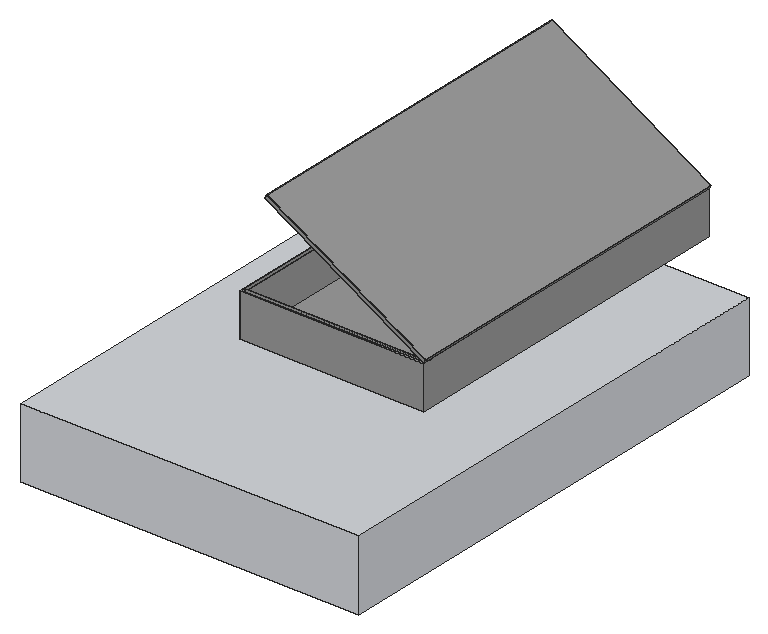
Revit family "Hager-Univers-IP44-D205-H1550-Cl.I-Encl-CH-de", category Equipement électrique, Revit 2020
Family settings
  Hôte = Face
  Configuration du panneau = Deux colonnes, circuits au sein
  Cote de connecteur circulaire = Utiliser le diamètre
  Type d'élément = Tableau de raccordement
  Couper avec des vides une fois chargée = Non
  Partagée = Non
  Point de calcul de pièce = Non
Parameters (values of type "Aufputz IP44 B800 H1550 T205  - FP03TN2")
  Width Control [instance] = if([EF000008 - Breite] > Min Width, [EF000008 - Breite], Min Width)  # 800 mm
  Commentaires du type = [HG000003 - Bereich]  # "Univers"
  Thickness Door [instance] = if([EF009171 - Materialstärke Tür/Deckel] > 3 mm, 3 mm, [EF009171 - Materialstärke Tür/Deckel])  # 1 mm
  Seal Frame Offset [instance] = 17 mm  # constant formula
  Plinth Visibility [instance] = [HG000027 - Sockelhöhe] > 0 mm  # no
  Model = ""
  Min Width [instance] = 100 mm  # constant formula
  Min Height [instance] = 100 mm  # constant formula
  Min Depth [instance] = (2 * [EF009170 - Materialstärke Gehäuse]) + 1 mm  # 3 mm
  Internal Frame Depth [instance] = (Door System Depth * 0.5)  # 9 mm
  Height Control [instance] = if([EF000040 - Höhe] > Min Height, [EF000040 - Höhe], Min Height)  # 1550 mm
  HG000027 - Sockelhöhe = 0 mm
  HG000026 - Stehend auf dem Boden = no
  HG000024 - Höhe des unteren Teils = 800 mm
  HG000023 - Gehäuse mit doppeltem Querschnitt = no
  HG000016 - 3D-Türsichtbarkeit [instance] = yes
  HG000015 - Sichtbarkeit der Türöffnung [instance] = no
  HG000014 - Tür rechts [instance] = yes
  HG000013 - Tür links [instance] = not([HG000014 - Tür rechts])  # no
  HG000012 - Türschwenkwinkel [instance] = 30.00°
  HG000010 - Asymmetrische Türen = no
  HG000009 - Doppelflügeligen Tür = no
  HG000006 - Unterputz = no
  HG000004 - Herstellerreferenz = "FP03TN2"
  HG000003 - Bereich = "Univers"
  HG000002 - Mit tür = yes
  Frame Offset Bottom [instance] = 10 mm  # constant formula
  Frame Offset [instance] = 15 mm  # constant formula
  EF015940 - Deckel mit Überdruckentlastung = no
  EF011959 - Schutzart (NEMA) = ""
  EF009554 - Anzahl der Öffnungen für Flanschplatten = 6
  Fabricant = "Hager"  # constant formula
  EF009212 - Ausführung Deckel = "EV000116 - geschlossen"
  EF009171 - Materialstärke Tür/Deckel = 1 mm
  EF009170 - Materialstärke Gehäuse = 1 mm
  EF008873 - Nennstrom (In) = 250 A
  EF007800 - Geeignet für Blitzschutz = no
  EF006306 - Mit Schloss = no
  EF006244 - Transparenter Deckel/Tür = no
  EF005474 - Schutzart (IP) = "EV006418 - IP44"
  EF004464 - Art der Tür = "EV002646 - Einzel"
  EF004427 - Anzahl der Module = 360
  EF004293 - Schlagfestigkeit = "EV006815 - IK09"
  EF003532 - Geeignet für Außengebrauch = no
  EF002950 - Breite in Teilungseinheiten = 36
  EF001613 - Funktionserhalt = "EV000494 - ohne"
  EF001596 - Werkstoff des Gehäuses = "EV000179 - Stahl"
  EF001131 - Innentiefe = 205 mm
  EF001088 - Anbaumöglichkeit = yes
  EF000437 - Anzahl der Leitungseinführungen = 6
  EF000339 - Art der Abdeckung = "EV001012 - Deckel"
  EF000266 - Anzahl der Reihen = 10
  EF000218 - Einbautiefe = 205 mm
  EF000118 - Mit Montageplatte = no
  EF000116 - RAL-Nummer = "9010"
  EF000049 - Tiefe = 205 mm
  EF000040 - Höhe = 1550 mm
  EF000008 - Breite = 800 mm
  EF000007 - Farbe = "EV000202 - weiß"
  EF000003 - Montageart = "EV000384 - Aufputz"
  Door System Leaf Tolerance [instance] = 1.5 mm  # constant formula
  Door System Depth [instance] = 18 mm  # constant formula
  Door Height [instance] = Height Control - [HG000027 - Sockelhöhe]  # 1550 mm
  Depth Control [instance] = if([EF000049 - Tiefe] > Min Depth, [EF000049 - Tiefe], Min Depth)  # 205 mm
  Default Elevation = 0 mm
  Connector Offset [instance] = Height Control / 2  # 775 mm
  Bottom Top Plate Trim [instance] = 1.5 mm  # constant formula
  Plinth height Ctrl [instance] = if([HG000027 - Sockelhöhe] > 0 mm, [HG000027 - Sockelhöhe], 12 mm)  # 12 mm
Types (5, lengths in mm): name | Width Control | HG000010 - Asymmetrische Türen | HG000009 - Doppelflügeligen Tür | HG000004 - Herstellerreferenz | EF009554 - Anzahl der Öffnungen für Flanschplatten | EF008873 - Nennstrom (In) | EF004464 - Art der Tür | EF004427 - Anzahl der Module | EF002950 - Breite in Teilungseinheiten | EF000437 - Anzahl der Leitungseinführungen | EF000008 - Breite
  Aufputz IP44 B1050 H1550 T205  - FP04TN2 | 1050 | no | yes | "FP04TN2" | 8 | 400 A | "EV003602 - Doppel" | 480 | 48 | 8 | 1050
  Aufputz IP44 B1300 H1550 T205  - FP05TN2 | 1300 | yes | yes | "FP05TN2" | 10 | 400 A | "EV003602 - Doppel" | 600 | 60 | 10 | 1300
  Aufputz IP44 B300 H1550 T205  - FP01TN2 | 300 | no | no | "FP01TN2" | 2 | 250 A | "EV002646 - Einzel" | 120 | 12 | 2 | 300
  Aufputz IP44 B550 H1550 T205  - FP02TN2 | 550 | no | no | "FP02TN2" | 4 | 250 A | "EV002646 - Einzel" | 240 | 24 | 4 | 550
  Aufputz IP44 B800 H1550 T205  - FP03TN2 | 800 | no | no | "FP03TN2" | 6 | 250 A | "EV002646 - Einzel" | 360 | 36 | 6 | 800
Reference planes
  plane 1 "Center (Front/Back)": y = 0
  plane 2: z = 0
  plane 3 "Center (Left/Right)": x = 0
  plane 4: z = 205
  plane 5: y = 1
  plane 6: y = 775
  plane 7: y = 0
  plane 8: y = 1550
  plane 9: z = 0
  plane 10: x = -385
  plane 11: x = 385
  plane 12: x = 384
  plane 13: x = -384
  plane 14: y = 1549
  plane 15: x = -383
  plane 16: x = -400
  plane 17: x = 383
  plane 18: x = 400
  plane 19: x = 399
  plane 20: x = -399
  plane 21: y = 11
  plane 22: y = 1550
  plane 23: y = 1534
  plane 24: z = 187
  plane 25: z = 1
  plane 26: z = 186
  plane 27: z = 204
Forms (mm)
  Extrusion 1, solid
    sketch origin (0, 0, 0) x (1, 0, 0) y (0, 1, 0)
      loop
        line (-702.964, 1305) -> (-702.964, -811.445) -> (766.763, -811.445) -> (766.763, 1305) -> (-702.964, 1305)
    from 0 to -304.8
  Extrusion 2, solid, material "Hager_Steel_RAL7035_Light_Grey", visible <- "Plinth Visibility", detail levels medium+fine
    sketch origin (0, 0, 0) x (1, 0, 0) y (0, 1, 0)
      loop
        line (-400, 0) -> (400, 0) -> (400, 12) -> (-400, 12) -> (-400, 0)
    from 0 to 187
  Extrusion 3, solid, material "Hager_Steel_RAL7035_Light_Grey", detail levels medium+fine
    sketch origin (0, 0, 0) x (1, 0, 0) y (0, 1, 0)
      loop
        line (-400, 0) -> (400, 0) -> (400, 1550) -> (-400, 1550) -> (-400, 0)
    from 0 to 187
  Extrusion 4, void
    sketch origin (0, 0, 0) x (1, 0, 0) y (0, 1, 0)
      loop
        line (-399, 1) -> (399, 1) -> (399, 1549) -> (-399, 1549) -> (-399, 1)
    from 1 to 186
  Extrusion 5, void
    sketch origin (-381.607, -4572, 187) x (0, -1, 0) y (-1, 0, 0)
      loop
        line (-4583, 2.393) -> (-6106, 2.393) -> (-6106, -765.607) -> (-4583, -765.607) -> (-4583, 2.393)
    from 0 to 1 <- "EF009170 - Materialstärke Gehäuse"
  Extrusion 6, solid, material "Hager_Steel_RAL7035_Light_Grey", detail levels fine
    sketch origin (0, 0, 187) x (1, 0, 0) y (0, 1, 0)
      loop
        line (-384, 1534) -> (-384, 11) -> (384, 11) -> (384, 1534) -> (-384, 1534)
      loop
        line (-385, 10) -> (385, 10) -> (385, 1535) -> (-385, 1535) -> (-385, 10)
    from 0 to 9 <- "Internal Frame Depth"
  Extrusion 7, solid, material "Hager_Steel_RAL7035_Light_Grey", detail levels coarse
    sketch origin (0, 0, 0) x (1, 0, 0) y (0, 1, 0)
      loop
        line (-400, 0) -> (400, 0) -> (400, 1550) -> (-400, 1550) -> (-400, 0)
    from 0 to 205
  Sweep 8, void
    path in 3D
      loop
        line (-400, 12, 0) -> (400, 12, 0) -> (400, 12, 187) -> (-400, 12, 187) -> (-400, 12, 0)
    profile origin (-400, 12, 93.5) x (-1, 0, 0) y (0, -1, 0)
      loop
        line (0, 0) -> (0, 1.5) -> (-1.5, 1.5)
        arc (-1.5, 1.5) -> (-1.061, 0.439) -> (0, 0) r 1.5
Cuts and joins
  Extrusion 4, Extrusion 5 cuts Extrusion 3
  Sweep 8 cuts Extrusion 2
Lines and regions (mm)
  Masking region 1
    outline origin (0, 0, 0) x (1, 0, 0) y (0, 0, 1)
      loop
        line (-400, 205) -> (-400, 0) -> (400, 0) -> (400, 205) -> (-400, 205)
  Masking region 2, detail levels medium+fine
    outline origin (0, 140, 0) x (0, 1, 0) y (0, 0, 1)
      loop
        line (-140, 0) -> (1410, 0) -> (1410, 187) -> (-140, 187) -> (-140, 0)
  Masking region 3, not visible, detail levels medium+fine
    outline origin (0, 297.922, 0) x (0, 1, 0) y (0, 0, 1)
      loop
        line (488.578, 0) -> (528.578, 0) -> (528.578, 194)
        arc (528.578, 194) -> (525.649, 201.071) -> (518.578, 204) r 10
        line (518.578, 204) -> (488.578, 204) -> (488.578, 0)
  Masking region 4, detail levels coarse
    outline origin (0, 0, 180) x (0, 1, 0) y (0, 0, 1)
      loop
        line (0, -180) -> (1550, -180) -> (1550, 25) -> (0, 25) -> (0, -180)
  Masking region 5, visible <- "Plinth Visibility", detail levels medium+fine
    outline origin (0, 52.24, 12.345) x (0, 0, -1) y (0, 1, 0)
      loop
        line (10.845, -40.24) -> (-173.155, -40.24)
        arc (-173.155, -40.24) -> (-173.594, -41.301) -> (-174.655, -41.74) r 1.5
        line (-174.655, -41.74) -> (-174.655, -52.24) -> (12.345, -52.24) -> (12.345, -41.74)
        arc (12.345, -41.74) -> (11.285, -41.301) -> (10.845, -40.24) r 1.5
  Masking region 6, detail levels medium+fine
    outline origin (-381.607, -4572, 187) x (-1, 0, 0) y (0, -1, 0)
      loop
        line (18.393, -6122) -> (18.393, -4572) -> (-781.607, -4572) -> (-781.607, -6122) -> (18.393, -6122)
  Masking region 7, visible <- "Plinth Visibility", detail levels medium+fine
    outline origin (-381.607, -4727, 187) x (-1, 0, 0) y (0, -1, 0)
      loop
        arc (16.893, -4739) -> (17.332, -4737.939) -> (18.393, -4737.5) r 1.5
        line (18.393, -4737.5) -> (18.393, -4727) -> (-781.607, -4727) -> (-781.607, -4737.5)
        arc (-781.607, -4737.5) -> (-780.546, -4737.939) -> (-780.107, -4739) r 1.5
        line (-780.107, -4739) -> (16.893, -4739)
  Masking region 8, detail levels coarse
    outline origin (-442.548, -4669.526, 187) x (-1, 0, 0) y (0, -1, 0)
      loop
        line (-42.548, -6219.526) -> (-42.548, -4669.526) -> (-842.548, -4669.526) -> (-842.548, -6219.526) -> (-42.548, -6219.526)
  sketch lines
    curve 1: line (-400, 12, 187) -> (-400, 12, 0)
    curve 2: line (400, 12, 187) -> (-400, 12, 187)
    curve 3: line (400, 12, 187) -> (400, 12, 0)
    curve 4: line (-400, 12, 0) -> (400, 12, 0)
Dimensions and locks
  "Depth Control": plane 4 to Extrusion 1
  "HG000027 - Sockelhöhe": plane 1 "Center (Front/Back)" to plane 7
  "EF009170 - Materialstärke Gehäuse": plane 5 to plane 7
  locked: connector elem to plane 3 "Center (Left/Right)"
  equal spacing: plane 8, plane 6, plane 7
  locked: connector elem to plane 6
  "EF009170 - Materialstärke Gehäuse": plane 8 to plane 14
  "EF009170 - Materialstärke Gehäuse": plane 10 to plane 13
  "EF009170 - Materialstärke Gehäuse": plane 12 to plane 11
  "Frame Offset": plane 20 to plane 13
  "Frame Offset": plane 12 to plane 19
  "EF009170 - Materialstärke Gehäuse": plane 16 to plane 20
  "EF009170 - Materialstärke Gehäuse": plane 19 to plane 18
  "Seal Frame Offset": plane 16 to plane 15
  "Seal Frame Offset": plane 17 to plane 18
  "Frame Offset Bottom": plane 21 to plane 5
  "Frame Offset": plane 14 to plane 23
  equal spacing: plane 16, plane 3 "Center (Left/Right)", plane 18
  "Width Control": plane 16 to plane 18
  "EF009170 - Materialstärke Gehäuse": plane 4 to plane 27
  "EF009170 - Materialstärke Gehäuse": plane 24 to plane 26
  "EF009170 - Materialstärke Gehäuse": plane 25 to level
  "Door System Depth": plane 4 to plane 24
  "Height Control": plane 1 "Center (Front/Back)" to Extrusion 7 sketch curve
  "Height Control": Masking region 4 sketch curve to plane 1 "Center (Front/Back)"
  "Height Control": plane 1 "Center (Front/Back)" to plane 22
  "Bottom Top Plate Trim": profile plane to Sweep 8 sketch curve
  "Bottom Top Plate Trim": Sweep 8 sketch curve to profile plane
  "Plinth height Ctrl": plane 1 "Center (Front/Back)" to Extrusion 2 sketch curve
  "Plinth height Ctrl": Masking region 5 sketch curve to plane 1 "Center (Front/Back)"
  "Plinth height Ctrl": plane 1 "Center (Front/Back)" to Masking region 7 sketch curve
  "Thickness Door": Extrusion 6 sketch curve to Extrusion 6 sketch curve  (x3)
  "Thickness Door": cut or joined group of Extrusion 3, Extrusion 4, Extrusion 5 to Extrusion 6 sketch curve
  radius of Masking region 3 sketch curve = 10 mm
  "Bottom Top Plate Trim": radius of Masking region 5 sketch curve  (x2)
  "Bottom Top Plate Trim": radius of Sweep 8 sketch curve
  "Bottom Top Plate Trim": radius of Masking region 7 sketch curve  (x2)
  aligned and locked: plane 2 to Extrusion 1
  aligned and locked: level to Extrusion 1
  aligned and locked: level to Masking region 1 sketch curve
  aligned and locked: Masking region 1 sketch curve to plane 18
  aligned and locked: Masking region 1 sketch curve to plane 16
  aligned and locked: plane 7 to Masking region 2 sketch curve
  aligned and locked: level to Masking region 3 sketch curve
  aligned and locked: Masking region 3 sketch curve to plane 27
  aligned and locked: level to Masking region 2 sketch curve
  aligned and locked: plane 1 "Center (Front/Back)" to Extrusion 2 sketch curve
  aligned and locked: Extrusion 3 sketch curve to plane 7
  aligned and locked: plane 16 to Extrusion 3 sketch curve
  aligned and locked: plane 18 to Extrusion 3 sketch curve
  aligned and locked: plane 20 to Extrusion 4 sketch curve
  aligned and locked: plane 19 to Extrusion 4 sketch curve
  aligned and locked: Extrusion 4 sketch curve to plane 5
  aligned and locked: Extrusion 4 to plane 25
  aligned and locked: plane 26 to Extrusion 4
  aligned and locked: plane 24 to Extrusion 3
  aligned and locked: Extrusion 5 sketch curve to plane 21
  aligned and locked: Extrusion 5 sketch curve to plane 13
  aligned and locked: Extrusion 5 sketch curve to plane 12
  aligned and locked: plane 18 to Extrusion 7 sketch curve
  aligned and locked: plane 1 "Center (Front/Back)" to Extrusion 7 sketch curve
  aligned and locked: plane 16 to Extrusion 7 sketch curve
  aligned and locked: plane 4 to Extrusion 7
  aligned and locked: Extrusion 7 to level
  aligned and locked: level to Masking region 4 sketch curve
  aligned and locked: Masking region 4 sketch curve to plane 1 "Center (Front/Back)"
  aligned and locked: Masking region 4 sketch curve to plane 4
  aligned and locked: nested 1 to level
  aligned and locked: nested 1 to plane 16
  aligned and locked: plane 8 to Extrusion 3 sketch curve
  aligned and locked: plane 23 to Extrusion 5 sketch curve
  aligned and locked: plane 14 to Extrusion 4 sketch curve
  aligned and locked: Masking region 2 sketch curve to plane 8
  aligned and locked: level to Masking region 5 sketch curve
  aligned and locked: plane 16 to Extrusion 2 sketch curve
  aligned and locked: plane 18 to Extrusion 2 sketch curve
  aligned and locked: Masking region 5 sketch curve to plane 24
  aligned and locked: Masking region 2 sketch curve to plane 24
  aligned and locked: plane 24 to Extrusion 2
  aligned and locked: profile plane to Sweep 8 sketch curve  (x2)
  aligned and locked: Masking region 6 sketch curve to plane 18
  aligned and locked: Masking region 6 sketch curve to plane 22
  aligned and locked: Masking region 6 sketch curve to plane 16
  aligned and locked: plane 8 to plane 22
  aligned and locked: Masking region 6 sketch curve to plane 7
  aligned and locked: Masking region 7 sketch curve to plane 16
  aligned and locked: Masking region 7 sketch curve to plane 1 "Center (Front/Back)"
  aligned and locked: Masking region 7 sketch curve to plane 18
  aligned and locked: Masking region 8 sketch curve to plane 1 "Center (Front/Back)"
  aligned and locked: Masking region 8 sketch curve to plane 18
  aligned and locked: Masking region 8 sketch curve to plane 22
  aligned and locked: Masking region 8 sketch curve to plane 16
  aligned and locked: nested 2 to plane 7
  aligned and locked: plane 3 "Center (Left/Right)" to nested 2
  aligned and locked: nested 2 to plane 24
  aligned and locked: Extrusion 6 sketch curve to cut or joined group of Extrusion 3, Extrusion 4, Extrusion 5  (x4)
Automatic sketch dimensions
  Extrusion 1 sketch curve to Extrusion 1 sketch curve = 1469.727 mm
  Extrusion 1 sketch curve to Extrusion 1 sketch curve = 2116.445 mm
  Masking region 1 sketch curve to plane 4 = 0 mm
  plane 6 to Masking region 3 sketch curve = 11.5 mm
  Masking region 3 sketch curve to Masking region 3 sketch curve = 30 mm
  Masking region 5 sketch curve to plane 1 "Center (Front/Back)" = 0 mm
Nested families
  nested 1: "Hager_Enclosure_Symbol" at (-400, 0, 0) x (1, 0, 0) z (0, -1, 0), Height <- "Depth Control", Width <- "Width Control", type "Hager_Enclosure_Symbol"
    with Width_Ctrl 800 mm, Width 800 mm, Height_Ctrl 205 mm, Height 205 mm, A_Width_Int 13.453 mm, A_Width 161.438 mm, A_Height_Ctrl 179.375 mm, A_Height 179.375 mm
  nested 2: "EC000058_Univers_Door" at (0, 0, 187) x (1, 0, 0) z (0, 1, 0), Leaf_Tolerance <- "Door System Leaf Tolerance", Angle <- "HG000012 - Türschwenkwinkel", Door_Depth <- "Door System Depth", Door_Left <- "HG000013 - Tür links", Transparent <- "EF006244 - Transparenter Deckel/Tür", Assymetrical <- "HG000010 - Asymmetrische Türen", Width <- "Width Control", Clearance <- "HG000015 - Sichtbarkeit der Türöffnung", Double <- "HG000009 - Doppelflügeligen Tür", 3d_Door <- "HG000016 - 3D-Türsichtbarkeit", Lock_Visibility <- "EF006306 - Mit Schloss", Width_Ctrl <- "Width Control", Door_Right <- "HG000014 - Tür rechts", Door <- "HG000002 - Mit tür", Height <- "Door Height", Thickness <- "Thickness Door", type "EC000058_Univers_Door", detail levels medium+fine
    with min_wh 3 mm, Width_Ctrl 800 mm, Width 800 mm, Transparent no, Thickness 1 mm, Seal_Material Hager_Rubber, Lock_Visibility no, Lock_Material Hager_Plastic_RAL9005_Jet_Black, Leaf_Width 800 mm, Leaf_Tolerance_External_Sides 0 mm, Leaf_Tolerance 1.5 mm, Leaf_Offset 0 mm, Leaf_Height 1547 mm, Leaf_2_Width 800 mm, Leaf_2_Offset 400 mm, Leaf_1_Width 800 mm, Leaf_1_Offset 400 mm, Height_Ctrl 1550 mm, Height 1550 mm, Glass_Material Hager_Glass, Double_Clearance_Ctrl no, Double no, Door_Right_Ctrl yes, Door_Right yes, Door_Material Hager_Steel_RAL7035_Light_Grey, Door_Left_Ctrl no, Door_Left no, Door_Depth 18 mm, Door yes, Clearance_Material Hager_Clearance, Clearance_Depth 800 mm, Clearance_Ctrl no, Clearance no, Assymetrical no, Angle 30.00°, 3d_Door yes
Connectors
  electrical at (0, 775, 0)
    settings: on plane 9, index 1, voltage 0 V, apparent load 0 VA, apparent load phase1 0 VA, apparent load phase2 0 VA, apparent load phase3 0 VA, power factor 1, load classification "Other", number of poles 1, system type 30, power factor state 1, is connector primary yes, connector utility no, sub classification motor no, connector description ""
Definition of nested family "EC000058_Univers_Door"
  Parameters (values of type "EC000058_Univers_Door")
    min_wh [instance] = (2 * Thickness) + 1 mm  # 11 mm
    Width_Ctrl [instance] = 400 mm
    Width [instance] = 500 mm
    Transparent [instance] = yes
    Thickness [instance] = 5 mm
    Seal_Material [instance] = none
    Lock_Visibility [instance] = yes
    Lock_Material [instance] = none
    Leaf_Width [instance] = if((Width_Ctrl - 2 * Leaf_Tolerance_External_Sides) > 0 mm, (Width_Ctrl - 2 * Leaf_Tolerance_External_Sides), min_wh)  # 400 mm
    Leaf_Tolerance_External_Sides [instance] = 0 mm  # constant formula
    Leaf_Tolerance [instance] = 1.5 mm
    Leaf_Offset [instance] = 0 mm  # constant formula
    Leaf_Height [instance] = if((Height_Ctrl - 2 * Leaf_Tolerance) > 0 mm, (Height_Ctrl - 2 * Leaf_Tolerance), min_wh)  # 497 mm
    Leaf_2_Width [instance] = if(and(and(Double, Assymetrical), Door_Left), (Leaf_Width / 3) - (Leaf_Tolerance / 2), if(and(and(Double, Assymetrical), Door_Right), (Leaf_Width / 3) * 2 - (Leaf_Tolerance / 2), if(and(Double, not(Assymetrical)), (Leaf_Width / 2) - Leaf_Tolerance, Leaf_Width)))  # 400 mm
    Leaf_2_Offset [instance] = if(and(Double, Assymetrical), Leaf_2_Width / 2, if(and(Double, not(Assymetrical)), Leaf_Width / 4, Leaf_Width / 2))  # 200 mm
    Leaf_1_Width [instance] = if(and(and(Double, Assymetrical), Door_Right), (Leaf_Width / 3) - (Leaf_Tolerance / 2), if(and(and(Double, Assymetrical), Door_Left), (Width / 3) * 2 - (Leaf_Tolerance / 2), if(and(Double, not(Assymetrical)), (Leaf_Width / 2) - Leaf_Tolerance, Leaf_Width)))  # 400 mm
    Leaf_1_Offset [instance] = if(and(Double, Assymetrical), Leaf_1_Width / 2, if(and(Double, not(Assymetrical)), Leaf_Width / 4, Leaf_Width / 2))  # 200 mm
    Height_Ctrl [instance] = if(Height > min_wh, Height, min_wh)  # 500 mm
    Height [instance] = 500 mm
    Glass_Material [instance] = none
    Double_Clearance_Ctrl [instance] = and(Double, Clearance)  # no
    Double [instance] = no
    Door_Right_Ctrl [instance] = and(or(Door_Right, Double), Door)  # yes
    Door_Right [instance] = yes
    Door_Material [instance] = none
    Door_Left_Ctrl [instance] = and(or(Door_Left, Double), Door)  # no
    Door_Left [instance] = no
    Door_Depth [instance] = 30 mm
    Door [instance] = yes
    Default Elevation = 1219.2 mm
    Clearance_Material [instance] = none
    Clearance_Depth [instance] = if(Leaf_1_Width > Leaf_2_Width, Leaf_1_Width, Leaf_2_Width)  # 400 mm
    Clearance_Ctrl [instance] = and(not(Double), Clearance)  # yes
    Clearance [instance] = yes
    Assymetrical [instance] = yes
    Angle [instance] = 30.00°
    3d_Door [instance] = yes
  Reference planes
    plane 1 "Center (Front/Back)": y = 0
    plane 2 "Bottom": z = 0
    plane 3 "Center (Left/Right)": x = 0
    plane 4: z = 500
    plane 5: x = -200
    plane 6: x = 200
    plane 7: z = 500
    plane 8: x = -200
    plane 9: z = 0
    plane 10: x = 200
    plane 11: y = 0
    plane 12: z = 1.5
    plane 13: x = -600
    plane 14: y = -400
    plane 15: x = 600
    plane 16: x = 0
    plane 17: x = 0
    plane 18: x = -200
    plane 19: x = 200
    plane 20: z = 498.5
  Forms (mm)
    Extrusion 1, solid, material <- "Clearance_Material", visible <- "Double_Clearance_Ctrl"
      sketch origin (1200, 0, 0) x (1, 0, 0) y (0, 0, -1)
        loop
          line (-1800, -498.5) -> (-600, -498.5) -> (-600, 0) -> (-1800, 0) -> (-1800, -498.5)
      from 0 to -400
  Dimensions and locks
    equal spacing: plane 5, plane 3 "Center (Left/Right)", plane 6
    "Width_Ctrl": plane 5 to plane 6
    "Leaf_Offset": plane 5 to plane 8
    "Leaf_Offset": plane 6 to plane 10
    "Leaf_Offset": plane 9 to level
    "Leaf_Offset": plane 4 to plane 7
    "Height_Ctrl": plane 4 to level
    "Leaf_Tolerance": plane 12 to plane 9
    locked: plane 11 to plane 1 "Center (Front/Back)"
    "Leaf_1_Offset": plane 18 to plane 16
    "Leaf_2_Offset": plane 17 to plane 19
    "Leaf_1_Width": plane 13 to plane 8
    "Leaf_2_Width": plane 10 to plane 15
    "Clearance_Depth": plane 14 to plane 1 "Center (Front/Back)"
    "Leaf_Tolerance_External_Sides": plane 8 to plane 18
    "Leaf_Tolerance_External_Sides": plane 19 to plane 10
    "Leaf_Tolerance": plane 7 to plane 20
    aligned and locked: level to plane 2 "Bottom"
    aligned and locked: nested 1 to plane 16
    aligned and locked: nested 2 to plane 17
    aligned and locked: Extrusion 1 to plane 13
    aligned and locked: plane 15 to Extrusion 1
    aligned and locked: Extrusion 1 to plane 14
    aligned and locked: plane 12 to nested 1
    aligned and locked: nested 2 to plane 12
    aligned and locked: Extrusion 1 to plane 11
    aligned and locked: plane 20 to Extrusion 1
    aligned and locked: nested 2 to plane 11
    aligned and locked: nested 1 to plane 11
  Automatic sketch dimensions
    Extrusion 1 sketch curve to level = 0 mm
    plane 5 to Extrusion 1 sketch curve = 400 mm
    plane 6 to Extrusion 1 sketch curve = 400 mm
    Extrusion 1 sketch curve to plane 4 = 1.5 mm
  Nested families
    nested 1: "EC000058_Univers_Door_Leaf" at (0, 0, 1.5), Width <- "Leaf_1_Width", visible <- "Door_Left_Ctrl", Leaf_Height <- "Leaf_Height", Angle <- "Angle", 3d_Door <- "3d_Door", Transparent <- "Transparent", Clearance Material <- "Clearance_Material", Clearance <- "Clearance_Ctrl", Door_Material <- "Door_Material", Glass_Material <- "Glass_Material", Door_Depth <- "Door_Depth", Lock_Material <- "Lock_Material", Seal_Material <- "Seal_Material", Lock_Visibility <- "Lock_Visibility", Thickness <- "Thickness", type "EC000058_Univers_Door_Leaf"
      with Width 400 mm, Transparent_Glass_Offset 30 mm, Transparent_Ctrl yes, Transparent yes, Thickness 5 mm, Standard no, Seal_Material none, Seal_D2 8 mm, Seal_D1 1 mm, Offset_Internal_Frame 10 mm, Lock_Width 20 mm, Lock_Visibility_3d yes, Lock_Visibility yes, Lock_Thickness_3 3 mm, Lock_Thickness_2 1 mm, Lock_Thickness_1 3 mm, Lock_Radius_Offset_2 16 mm, Lock_Radius_Offset_1 15 mm, Lock_Radius_2 5 mm, Lock_Radius 6 mm, Lock_Offset 5 mm, Lock_Material none, Lock_Height 80 mm, Lock_Cover_Top_Offset_2d 17 mm, Lock_Cover_Height -65 mm, Leaf_Height 497 mm, Internal_Seal_Thickness 8 mm, Internal_Seal_Depth_2 4.5 mm, Internal_Frame_Depth 25 mm, Glass_Thickness -1 mm, Glass_Offset -2 mm, Glass_Material none, Door_Material none, Door_Depth 30 mm, Clearance Material none, Clearance yes, Angle_Ctrl 30.00°, Angle 30.00°, 3d_Door yes
    nested 2: "EC000058_Univers_Door_Leaf" at (0, 0, 1.5) x (-1, 0, 0) z (0, 0, 1), Width <- "Leaf_2_Width", visible <- "Door_Right_Ctrl", Leaf_Height <- "Leaf_Height", Angle <- "Angle", 3d_Door <- "3d_Door", Transparent <- "Transparent", Clearance Material <- "Clearance_Material", Clearance <- "Clearance_Ctrl", Door_Material <- "Door_Material", Glass_Material <- "Glass_Material", Door_Depth <- "Door_Depth", Lock_Material <- "Lock_Material", Seal_Material <- "Seal_Material", Lock_Visibility <- "Lock_Visibility", Thickness <- "Thickness", type "EC000058_Univers_Door_Leaf"
      with Width 400 mm, Transparent_Glass_Offset 30 mm, Transparent_Ctrl yes, Transparent yes, Thickness 5 mm, Standard no, Seal_Material none, Seal_D2 8 mm, Seal_D1 1 mm, Offset_Internal_Frame 10 mm, Lock_Width 20 mm, Lock_Visibility_3d yes, Lock_Visibility yes, Lock_Thickness_3 3 mm, Lock_Thickness_2 1 mm, Lock_Thickness_1 3 mm, Lock_Radius_Offset_2 16 mm, Lock_Radius_Offset_1 15 mm, Lock_Radius_2 5 mm, Lock_Radius 6 mm, Lock_Offset 5 mm, Lock_Material none, Lock_Height 80 mm, Lock_Cover_Top_Offset_2d 17 mm, Lock_Cover_Height -65 mm, Leaf_Height 497 mm, Internal_Seal_Thickness 8 mm, Internal_Seal_Depth_2 4.5 mm, Internal_Frame_Depth 25 mm, Glass_Thickness -1 mm, Glass_Offset -2 mm, Glass_Material none, Door_Material none, Door_Depth 30 mm, Clearance Material none, Clearance yes, Angle_Ctrl 30.00°, Angle 30.00°, 3d_Door yes
  Definition of nested family "EC000058_Univers_Door_Leaf"
    Parameters (values of type "EC000058_Univers_Door_Leaf")
      Width [instance] = 2000 mm
      Transparent_Glass_Offset [instance] = 30 mm
      Transparent_Ctrl [instance] = and(Transparent, [3d_Door])  # yes
      Transparent [instance] = yes
      Thickness [instance] = 5 mm
      Standard [instance] = and(not(Transparent), [3d_Door])  # no
      Seal_Material [instance] = none
      Seal_D2 [instance] = 8 mm  # constant formula
      Seal_D1 [instance] = 1 mm  # constant formula
      Offset_Internal_Frame [instance] = 10 mm  # constant formula
      Lock_Width [instance] = 20 mm  # constant formula
      Lock_Visibility_3d [instance] = and(Lock_Visibility, [3d_Door])  # yes
      Lock_Visibility [instance] = yes
      Lock_Thickness_3 [instance] = 3 mm  # constant formula
      Lock_Thickness_2 [instance] = 1 mm  # constant formula
      Lock_Thickness_1 [instance] = 3 mm  # constant formula
      Lock_Radius_Offset_2 [instance] = Lock_Radius_Offset_1 + 1 mm  # 16 mm
      Lock_Radius_Offset_1 [instance] = 15 mm  # constant formula
      Lock_Radius_2 [instance] = Lock_Radius - 1 mm  # 5 mm
      Lock_Radius [instance] = 6 mm  # constant formula
      Lock_Offset [instance] = 5 mm  # constant formula
      Lock_Material [instance] = none
      Lock_Height [instance] = 80 mm  # constant formula
      Lock_Cover_Top_Offset_2d [instance] = Lock_Radius_Offset_2 + 1 mm  # 17 mm
      Lock_Cover_Height [instance] = -(Lock_Height - Lock_Radius_Offset_1)  # -65 mm
      Leaf_Height [instance] = 2720.336 mm
      Internal_Seal_Thickness [instance] = 8 mm  # constant formula
      Internal_Seal_Depth_2 [instance] = 4.5 mm  # constant formula
      Internal_Frame_Depth [instance] = if(Door_Depth - Thickness > 5 mm, Door_Depth - Thickness, 5 mm)  # 25 mm
      Glass_Thickness [instance] = if(Thickness > 15 mm, Glass_Offset + 10 mm, -1 mm)  # -1 mm
      Glass_Offset [instance] = if(Thickness > 15 mm, -(Thickness + 10 mm) / 2, -2 mm)  # -2 mm
      Glass_Material [instance] = none
      Door_Material [instance] = none
      Door_Depth [instance] = 30 mm
      Default Elevation = 0 mm
      Clearance Material [instance] = none
      Clearance [instance] = yes
      Angle_Ctrl [instance] = if(Angle > 180.00°, 180.00°, Angle)  # 90.00°
      Angle [instance] = 90.00°
      3d_Door [instance] = yes
    Reference planes
      plane 1 "Center (Front/Back)": y = 0
      plane 2: z = 0
      plane 3 "Center (Left/Right)": x = 0
      plane 4: y = 2000
      plane 5: x = -1000
      plane 6: x = 1000
      plane 7: x = -3000
      plane 8: z = 2720.336
      plane 9: z = 30
      plane 10: z = 2690.336
      plane 11: x = 970
      plane 12: x = -970
      plane 13: y = -3
      plane 14: z = 107.833
      plane 15: y = -5
      plane 16: y = -223.314
      plane 17: x = -1000
      plane 18: z = 1360.168
      plane 19: y = 30
    Forms (mm)
      Extrusion 1, solid, material <- "Clearance Material", visible <- "Clearance"
        sketch origin (0, 0, 0) x (1, 0, 0) y (0, 0, 1)
          loop
            line (-3000, 2720.336) -> (-3000, 0) -> (1000, 0) -> (1000, 2720.336) -> (-3000, 2720.336)
        from 0 to -2000
      Extrusion 2, solid, material <- "Door_Material", visible <- "Standard", detail levels medium+fine
        sketch origin (-1000, 0, 0) x (0, 1, 0) y (-1, 0, 0)
          loop
            line (0, 30) -> (0, 25) -> (2000, 25) -> (2000, 30) -> (0, 30)
        from 0 to 2720.336 <- "Leaf_Height"
      Extrusion 3, solid, material <- "Door_Material", visible <- "Transparent_Ctrl", detail levels medium+fine
        sketch origin (-1000, 0, 0) x (0, 1, 0) y (-1, 0, 0)
          loop
            line (0, 25) -> (2000, 25) -> (2000, 30) -> (0, 30) -> (0, 25)
        from 0 to 2720.336 <- "Leaf_Height"
      Extrusion 4, void
        sketch origin (-1025, 2000, 0) x (0, 1, 0) y (0, 0, -1)
          loop
            line (-30, -2690.336) -> (-30, -30) -> (-1970, -30) -> (-1970, -2690.336) -> (-30, -2690.336)
        from 0 to 5 <- "Thickness"
      Sweep 5, solid, material <- "Seal_Material", visible <- "Transparent_Ctrl", detail levels fine
        path in 3D
          loop
            line (-1025, 30, 30) -> (-1025, 30, 2690.336) -> (-1025, 1970, 2690.336) -> (-1025, 1970, 30) -> (-1025, 30, 30)
        profile origin (-1025, 1000, 30) x (1, 0, 0) y (0, 0, 1)
          loop
            line (0, 0) -> (0, -8) -> (1, -8) -> (1, 0) -> (0, 0)
      Extrusion 6, solid, material <- "Glass_Material", visible <- "Transparent_Ctrl", detail levels medium+fine
        sketch origin (-1030, 0, 0) x (0, 1, 0) y (0, 0, -1)
          loop
            line (1970, -2690.336) -> (1970, -30) -> (30, -30) -> (30, -2690.336) -> (1970, -2690.336)
        from -2 <- "Glass_Offset" to -1 <- "Glass_Thickness"
      Extrusion 7, solid, material <- "Door_Material", visible <- "3d_Door", detail levels medium+fine
        sketch origin (-1025, 2000, 0) x (0, -1, 0) y (0, 0, -1)
          loop
            line (0, -2720.336) -> (2000, -2720.336) -> (2000, 0) -> (0, 0) -> (0, -2720.336)
          loop
            line (1995, -5) -> (5, -5) -> (5, -2715.336) -> (1995, -2715.336) -> (1995, -5)
        from 0 to 25 <- "Internal_Frame_Depth"
      Sweep 8, solid, material <- "Seal_Material", visible <- "Transparent_Ctrl", detail levels fine
        path in 3D
          loop
            line (-1025, 0, 0) -> (-1025, 2000, 0) -> (-1025, 2000, 2720.336) -> (-1025, 0, 2720.336) -> (-1025, 0, 0)
        profile origin (-1025, 0, 1360.168) x (1, 0, 0) y (0, 1, 0)
          loop
            line (0, 10) -> (2.975, 10)
            arc (2.975, 10) -> (4.053, 10.447) -> (4.5, 11.525) r 1.525
            line (4.5, 11.525) -> (4.5, 16.527)
            arc (4.5, 16.527) -> (4.069, 17.569) -> (3.027, 18) r 1.473
            line (3.027, 18) -> (0, 18) -> (0, 10)
      Extrusion 9, solid, material <- "Lock_Material", visible <- "Lock_Visibility_3d", detail levels fine
        sketch origin (-1030, 0, 0) x (0, 1, 0) y (0, 0, -1)
          loop
            arc (1993.5, -1400.168) -> (1994.561, -1399.729) -> (1995, -1398.668) r 1.5
            line (1995, -1398.668) -> (1995, -1320.168) -> (1975, -1320.168) -> (1975, -1398.668)
            arc (1975, -1398.668) -> (1975.439, -1399.729) -> (1976.5, -1400.168) r 1.5
            line (1976.5, -1400.168) -> (1993.5, -1400.168)
        from 3 <- "Lock_Thickness_1" to 0
      Blend 10, solid, material <- "Lock_Material", visible <- "Lock_Visibility_3d", detail levels fine
        base sketch origin (-1033, 0, 0) x (0, 1, 0) y (0, 0, -1)
          loop
            line (1975, -1320.168) -> (1975, -1398.668)
            arc (1975, -1398.668) -> (1975.439, -1399.729) -> (1976.5, -1400.168) r 1.5
            line (1976.5, -1400.168) -> (1993.5, -1400.168)
            arc (1993.5, -1400.168) -> (1994.561, -1399.729) -> (1995, -1398.668) r 1.5
            line (1995, -1398.668) -> (1995, -1320.168) -> (1975, -1320.168)
        top sketch origin (-1033, 0, 0) x (0, 1, 0) y (0, 0, -1)
          loop
            line (1976, -1320.168) -> (1976, -1398.668)
            arc (1976, -1398.668) -> (1976.146, -1399.022) -> (1976.5, -1399.168) r 0.5
            line (1976.5, -1399.168) -> (1993.5, -1399.168)
            arc (1993.5, -1399.168) -> (1993.854, -1399.022) -> (1994, -1398.668) r 0.5
            line (1994, -1398.668) -> (1994, -1320.168) -> (1976, -1320.168)
        from 0 to 1 <- "Lock_Thickness_2"
      Blend 11, solid, material <- "Lock_Material", visible <- "Lock_Visibility_3d", detail levels fine
        base sketch origin (-1034, 0, 0) x (0, 1, 0) y (0, 0, -1)
          loop
            line (1978, -1320.168) -> (1978, -1384.168)
            arc (1978, -1384.168) -> (1985, -1391.168) -> (1992, -1384.168) r 7
            line (1992, -1384.168) -> (1992, -1320.168) -> (1978, -1320.168)
        top sketch origin (-1034, 0, 0) x (0, 1, 0) y (0, 0, -1)
          loop
            line (1991, -1320.168) -> (1979, -1320.168) -> (1979, -1383.168)
            arc (1979, -1383.168) -> (1985, -1389.168) -> (1991, -1383.168) r 6
            line (1991, -1383.168) -> (1991, -1320.168)
        from 0 to 3 <- "Lock_Thickness_3"
      Extrusion 12, solid, material <- "Lock_Material", visible <- "Lock_Visibility_3d", detail levels fine
        sketch origin (-1030, 1975, 1320.168) x (1, 0, 0) y (0, -1, 0)
          loop
            line (-7, -19) -> (-7, -1) -> (0, -1) -> (0, 0) -> (-8, 0) -> (-8, -20) -> (0, -20) -> (0, -19) -> (-7, -19)
        from 0 to -65 <- "Lock_Cover_Height"
      Extrusion 13, void
        sketch origin (-1038, 1995, 1320.168) x (-1, 0, 0) y (0, 0, -1)
          loop
            line (-5, -65) -> (0, -65) -> (-5, -60) -> (-5, -65)
        from 0 to 20 <- "Lock_Width"
      Extrusion 14, void
        sketch origin (-1038, 1975, 1320.168) x (0, -1, 0) y (0, 0, -1)
          loop
            circle (-10, -15.995) r 6
          loop
            circle (-10, -15.995) r 5
        from 0 to 2
      Extrusion 15, solid, material <- "Lock_Material", visible <- "Lock_Visibility_3d", detail levels medium
        sketch origin (-1030, 0, 0) x (0, 1, 0) y (0, 0, -1)
          loop
            arc (1993.5, -1400.168) -> (1994.561, -1399.729) -> (1995, -1398.668) r 1.5
            line (1995, -1398.668) -> (1995, -1320.168) -> (1975, -1320.168) -> (1975, -1398.668)
            arc (1975, -1398.668) -> (1975.439, -1399.729) -> (1976.5, -1400.168) r 1.5
            line (1976.5, -1400.168) -> (1993.5, -1400.168)
        from 8 to 0
    Cuts and joins
      Extrusion 4 cuts Extrusion 3
      Extrusion 13, Extrusion 14 cuts Extrusion 9
      Extrusion 14 cuts Blend 11
      Extrusion 13, Extrusion 14 cuts Extrusion 12
      joined: Extrusion 9, Blend 10, Blend 11, Extrusion 12
      Extrusion 14 cuts Extrusion 15
    Lines and regions (mm)
      Masking region 1, visible <- "Lock_Visibility", detail levels fine
        outline origin (0, 0, 0) x (0, 1, 0) y (0, 0, 1)
          loop
            line (30, 1320.168) -> (33, 1320.168) -> (33, 1400.168) -> (30, 1400.168) -> (30, 1320.168)
      Masking region 2, visible <- "Lock_Visibility", detail levels fine
        outline origin (0, 3.143, 0) x (0, 1, 0) y (0, 0, 1)
          loop
            line (29.857, 1354.168) -> (30.857, 1354.168) -> (30.857, 1366.168) -> (29.857, 1366.168) -> (29.857, 1354.168)
      Masking region 3, detail levels medium+fine
        outline origin (0, 0, 0) x (0, 1, 0) y (0, 0, 1)
          loop
            line (0, 0) -> (30, 0) -> (30, 2720.336) -> (0, 2720.336) -> (0, 0)
      Masking region 4, detail levels medium+fine
        outline origin (0, 0, 0) x (1, 0, 0) y (0, 0, 1)
          loop
            line (-1000, 2720.336) -> (-1000, 0) -> (1000, 0) -> (1000, 2720.336) -> (-1000, 2720.336)
      Masking region 5, visible <- "Lock_Visibility", detail levels fine
        outline origin (-47.116, 0, 0) x (1, 0, 0) y (0, 0, 1)
          loop
            arc (1024.616, 1399.168) -> (1023.556, 1398.729) -> (1023.116, 1397.668) r 1.5
            line (1023.116, 1397.668) -> (1023.116, 1320.168) -> (1041.116, 1320.168) -> (1041.116, 1397.668)
            arc (1041.116, 1397.668) -> (1040.677, 1398.729) -> (1039.616, 1399.168) r 1.5
            line (1039.616, 1399.168) -> (1024.616, 1399.168)
      Masking region 6, visible <- "Lock_Visibility", detail levels medium+fine
        outline origin (-25, 0, 0) x (1, 0, 0) y (0, 0, 1)
          loop
            arc (1001.5, 1400.168) -> (1000.439, 1399.729) -> (1000, 1398.668) r 1.5
            line (1000, 1398.668) -> (1000, 1320.168) -> (1020, 1320.168) -> (1020, 1398.668)
            arc (1020, 1398.668) -> (1019.561, 1399.729) -> (1018.5, 1400.168) r 1.5
            line (1018.5, 1400.168) -> (1001.5, 1400.168)
      Masking region 7, visible <- "Lock_Visibility", detail levels fine
        outline origin (-73.735, 0, 0) x (1, 0, 0) y (0, 0, 1)
          loop
            line (1051.735, 1382.168) -> (1065.735, 1382.168) -> (1065.735, 1384.168)
            arc (1065.735, 1384.168) -> (1058.735, 1391.168) -> (1051.735, 1384.168) r 7
            line (1051.735, 1384.168) -> (1051.735, 1382.168)
      Masking region 8, visible <- "Lock_Visibility", detail levels fine
        outline origin (-73.735, 0, 0) x (1, 0, 0) y (0, 0, 1)
          loop
            line (1052.735, 1382.168) -> (1064.735, 1382.168) -> (1064.735, 1383.168)
            arc (1064.735, 1383.168) -> (1058.735, 1389.168) -> (1052.735, 1383.168) r 6
            line (1052.735, 1383.168) -> (1052.735, 1382.168)
      Masking region 9, visible <- "Lock_Visibility", detail levels fine
        outline origin (-25, 0, 0) x (1, 0, 0) y (0, 0, 1)
          loop
            line (1020, 1320.168) -> (1020, 1382.168) -> (1000, 1382.168) -> (1000, 1320.168) -> (1020, 1320.168)
      Masking region 10, detail levels medium+fine
        outline origin (0, 0, 0) x (1, 0, 0) y (0, 0, 1)
          loop
            circle (985, 1335.144) r 6
      Masking region 11, detail levels fine
        outline origin (0, 0, 0) x (1, 0, 0) y (0, 0, 1)
          loop
            circle (985, 1335.144) r 5
      Masking region 12, visible <- "Lock_Visibility", detail levels fine
        outline origin (0, 12.767, 0) x (0, 1, 0) y (0, 0, 1)
          loop
            line (20.233, 1320.168) -> (21.233, 1320.168) -> (21.233, 1399.168) -> (20.233, 1400.168) -> (20.233, 1320.168)
      Masking region 13, visible <- "Lock_Visibility", detail levels fine
        outline origin (0, 13.767, -10) x (0, 1, 0) y (0, 0, 1)
          loop
            line (20.233, 1330.168) -> (23.233, 1330.168) -> (23.233, 1399.168) -> (20.233, 1402.168) -> (20.233, 1330.168)
      Masking region 14, visible <- "Lock_Visibility", detail levels fine
        outline origin (0, 12.767, -10) x (0, 1, 0) y (0, 0, 1)
          loop
            line (20.233, 1330.168) -> (25.233, 1330.168) -> (25.233, 1399.305) -> (20.233, 1394.305) -> (20.233, 1330.168)
      Masking region 15, visible <- "Lock_Visibility", detail levels medium
        outline origin (0, 0, 0) x (0, 1, 0) y (0, 0, 1)
          loop
            line (30, 1320.168) -> (38, 1320.168) -> (38, 1400.168) -> (30, 1400.168) -> (30, 1320.168)
      Masking region 16, visible <- "Lock_Visibility", detail levels fine
        outline origin (-1000, 0, 0) x (0, 1, 0) y (-1, 0, 0)
          loop
            line (1975, 30) -> (1995, 30) -> (1995, 38) -> (1975, 38) -> (1975, 30)
          loop
            line (1979, 37) -> (1976, 37) -> (1976, 34) -> (1978, 34) -> (1979, 37)
          loop
            line (1994, 37) -> (1991, 37) -> (1992, 34) -> (1994, 34) -> (1994, 37)
      Masking region 17, visible <- "Lock_Visibility", detail levels medium
        outline origin (-1000, 0, 0) x (0, 1, 0) y (-1, 0, 0)
          loop
            line (1975, 30) -> (1995, 30) -> (1995, 38) -> (1975, 38) -> (1975, 30)
      symbolic lines
        curve 1: line (1000, 0, 0) -> (-3000, 0, 0)
        curve 2: arc (1000, 0, 0) -> (-1000, 2000, 0) -> (-3000, 0, 0) r 2000
        curve 4: line (-1030, 0, 0) -> (-1030, 2000, 0)
      reference lines
        curve 3: line (-1000, 0, 0) -> (-1000, 2000, 0)
      symbolic lines, detail levels medium+fine
        curve 5: line (-1030, 2000, 0) -> (-1025, 2000, 0)
        curve 7: line (-1025, 0, 0) -> (-1030, 0, 0)
        curve 8: line (-1025, 0, 0) -> (-1000, 0, 0)
        curve 9: line (-1000, 0, 0) -> (-1000, 2000, 0)
        curve 10: line (-1000, 2000, 0) -> (-1025, 2000, 0)
      symbolic lines, detail levels fine
        curve 6: line (-1025, 2000, 0) -> (-1025, 0, 0)
      sketch lines
        curve 11: line (-1025, 0, 2720.336) -> (-1025, 0, 0)
        curve 12: line (-1025, 2000, 0) -> (-1025, 0, 0)
        curve 13: line (-1025, 2000, 2720.336) -> (-1025, 2000, 0)
        curve 14: line (-1025, 0, 2720.336) -> (-1025, 2000, 2720.336)
        curve 15: line (-1025, 1970, 30) -> (-1025, 30, 30)
        curve 16: line (-1025, 30, 30) -> (-1025, 30, 2690.336)
        curve 17: line (-1025, 1970, 2690.336) -> (-1025, 1970, 30)
        curve 18: line (-1025, 30, 2690.336) -> (-1025, 1970, 2690.336)
      symbolic lines, visible <- "Transparent", detail levels medium+fine
        curve 19: line (-970, 0, 2690.336) -> (970, 0, 2690.336)
        curve 20: line (-970, 0, 30) -> (-970, 0, 2690.336)
        curve 21: line (970, 0, 30) -> (-970, 0, 30)
        curve 22: line (970, 0, 2690.336) -> (970, 0, 30)
    Dimensions and locks
      "Width": plane 1 "Center (Front/Back)" to plane 4
      equal spacing: plane 5, plane 3 "Center (Left/Right)", plane 6
      "Width": plane 5 to plane 6
      "Width": plane 7 to plane 5
      "Leaf_Height": plane 8 to level
      "Width": curve 5 to curve 3
      "Width": curve 3 to curve 3
      plane 8 to plane 10 = 30 mm
      plane 9 to level = 30 mm
      plane 12 to plane 5 = 30 mm
      plane 6 to plane 11 = 30 mm
      Extrusion 1 to Extrusion 4 sketch curve = 30 mm
      "Transparent_Glass_Offset": curve 3 to Extrusion 4 sketch curve
      "Transparent_Glass_Offset": Extrusion 4 sketch curve to cut or joined group of Extrusion 3, Extrusion 4  (x2)
      cut or joined group of Extrusion 3, Extrusion 4 to Extrusion 6 sketch curve = 30 mm
      "Transparent_Glass_Offset": cut or joined group of Extrusion 3, Extrusion 4 to Extrusion 4 sketch curve
      "Thickness": curve 6 to curve 4
      "Thickness": Extrusion 7 sketch curve to Extrusion 7 sketch curve  (x4)
      "Door_Depth": curve 4 to curve 3
      "Offset_Internal_Frame": profile plane to Sweep 8 sketch curve
      "Internal_Seal_Thickness": Sweep 8 sketch curve to Sweep 8 sketch curve
      "Internal_Seal_Depth_2": profile plane to Sweep 8 sketch curve
      "Seal_D1": profile plane to Sweep 5 sketch curve
      "Seal_D2": profile plane to Sweep 5 sketch curve
      "Thickness": Extrusion 2 sketch curve to Extrusion 2 sketch curve
      equal spacing: Extrusion 9 sketch curve, plane 18, Extrusion 9 sketch curve  (x2)
      equal spacing: Masking region 1 sketch curve, plane 18, Masking region 1 sketch curve
      "Lock_Height": Masking region 1 sketch curve to Masking region 1 sketch curve
      "Lock_Radius": Masking region 2 sketch curve to plane 18 to Masking region 2 sketch curve
      Masking region 2 sketch curve to Masking region 1 = 1 mm
      "Door_Depth": plane 19 to plane 1 "Center (Front/Back)"
      "Lock_Thickness_1": Masking region 1 sketch curve to plane 19
      "Lock_Width": Extrusion 9 sketch curve to Extrusion 9 sketch curve
      "Lock_Height": Extrusion 9 sketch curve to Extrusion 9 sketch curve
      "Lock_Offset": cut or joined group of Extrusion 3, Extrusion 4 to Extrusion 9 sketch curve
      equal spacing: plane 8, plane 18, level
      "Lock_Radius_Offset_1": Blend 11 sketch curve to Blend 10
      locked: Blend 10 to Blend 11 sketch curve at 2  (x2)
      locked: var sketch to Blend 11 sketch curve at 1  (x2)
      "Lock_Radius_Offset_2": Blend 11 sketch curve to Blend 10
      locked: Extrusion 12 sketch curve to Extrusion 12 sketch curve at 1  (x3)
      Masking region 6 sketch curve to Masking region 6 sketch curve = 80 mm
      "Lock_Height": Masking region 6 sketch curve to Masking region 6 sketch curve
      "Lock_Width": Masking region 6 sketch curve to Masking region 6 sketch curve
      locked: Masking region 6 to Masking region 5 sketch curve at 1  (x3)
      locked: Masking region 5 to Masking region 7 sketch curve at 2  (x2)
      "Lock_Radius_Offset_1": Masking region 5 to Masking region 7 sketch curve
      "Lock_Radius_Offset_2": Masking region 5 to Masking region 8 sketch curve
      locked: Masking region 7 to Masking region 8 sketch curve at 1  (x2)
      "Lock_Cover_Top_Offset_2d": Masking region 5 to Masking region 9 sketch curve
      equal spacing: Masking region 9, Masking region 10 sketch curve, Masking region 9
      equal spacing: Masking region 9, Masking region 11 sketch curve, Masking region 9
      Extrusion 15 sketch curve to Extrusion 15 sketch curve = 80 mm
      "Lock_Width": Extrusion 15 sketch curve to Extrusion 15 sketch curve
      "Lock_Height": Extrusion 15 sketch curve to Extrusion 15 sketch curve
      equal spacing: Extrusion 15 sketch curve, plane 18, Extrusion 15 sketch curve
      "Lock_Thickness_3": Masking region 13 sketch curve to Masking region 13 sketch curve
      "Lock_Height": Masking region 12 sketch curve to Masking region 12 sketch curve
      locked: Masking region 13 sketch curve to Masking region 1 at 8
      locked: Masking region 14 sketch curve to Masking region 13 at 1
      locked: Masking region 14 sketch curve to Masking region 1 at 10.863
      "Lock_Height": Masking region 15 sketch curve to Masking region 15 sketch curve
      "Lock_Offset": Extrusion 15 sketch curve to cut or joined group of Extrusion 3, Extrusion 4
      "Lock_Offset": plane 6 to Masking region 6 sketch curve
      radius of Sweep 8 sketch curve = 1.525 mm
      radius of Sweep 8 sketch curve = 1.473 mm
      radius of Extrusion 9 sketch curve = 1.5 mm  (x2)
      "Lock_Radius": radius of Extrusion 14 sketch curve
      "Lock_Radius_2": radius of Extrusion 14 sketch curve
      "Lock_Radius": radius of Masking region 10 sketch curve
      "Lock_Radius_2": radius of Masking region 11 sketch curve
      radius of Extrusion 15 sketch curve = 1.5 mm  (x2)
      "Angle_Ctrl": angle plane 1 "Center (Front/Back)" to curve 3
      locked: Masking region 12 sketch curve to Masking region 12 sketch curve (angle 45.00°)
      locked: Masking region 13 sketch curve to Masking region 13 sketch curve (angle 45.00°)
      locked: Masking region 14 sketch curve to Masking region 14 sketch curve (angle 45.00°)
      aligned and locked: level to plane 2
      aligned and locked: Extrusion 1 to curve 1
      aligned and locked: plane 6 to Extrusion 1
      aligned and locked: Extrusion 1 to plane 1 "Center (Front/Back)"
      aligned and locked: plane 4 to Extrusion 1
      aligned and locked: plane 8 to Extrusion 1
      aligned and locked: curve 7 to Extrusion 2 sketch curve
      aligned and locked: curve 5 to Extrusion 2 sketch curve
      aligned and locked: curve 7 to Extrusion 3 sketch curve
      aligned and locked: Extrusion 3 sketch curve to curve 4
      aligned and locked: Extrusion 3 sketch curve to curve 6
      aligned and locked: Extrusion 3 sketch curve to curve 5
      aligned and locked: curve 9 to curve 3
      aligned and locked: Extrusion 7 sketch curve to cut or joined group of Extrusion 3, Extrusion 4  (x4)
      aligned and locked: plane 17 to curve 3
      aligned and locked: plane 1 "Center (Front/Back)" to curve 3
      aligned and locked: plane 17 to plane 5
      aligned and locked: Sweep 8 sketch curve to profile plane
      aligned and locked: Sweep 5 sketch curve to profile plane  (x2)
      aligned and locked: Masking region 1 to Masking region 2 sketch curve
      aligned and locked: plane 19 to Masking region 1 sketch curve
      aligned and locked: plane 1 "Center (Front/Back)" to Masking region 3 sketch curve
      aligned and locked: plane 19 to Masking region 3 sketch curve
      aligned and locked: level to Masking region 3 sketch curve
      aligned and locked: Masking region 3 sketch curve to plane 8
      aligned and locked: plane 17 to Masking region 4 sketch curve
      aligned and locked: level to Masking region 4 sketch curve
      aligned and locked: Masking region 4 sketch curve to plane 8
      aligned and locked: plane 12 to curve 20
      aligned and locked: plane 10 to curve 19
      aligned and locked: plane 11 to curve 22
      aligned and locked: curve 21 to plane 9
      aligned and locked: Extrusion 2 sketch curve to cut or joined group of Extrusion 3, Extrusion 4
      aligned and locked: Blend 10 sketch curve to Extrusion 9  (x4)
      aligned and locked: Extrusion 9 to Blend 10 sketch curve
      aligned and locked: Blend 10 to Blend 11 sketch curve
      aligned and locked: Extrusion 12 sketch curve to Blend 11
      aligned and locked: Extrusion 12 sketch curve to Extrusion 9  (x4)
      aligned and locked: Masking region 5 sketch curve to Masking region 6
      aligned and locked: Masking region 9 sketch curve to Masking region 6  (x3)
      aligned and locked: Masking region 12 sketch curve to Masking region 1
      aligned and locked: Masking region 13 sketch curve to Masking region 1
      aligned and locked: Masking region 12 to Masking region 14
      aligned and locked: Masking region 14 sketch curve to Masking region 1
      aligned and locked: Masking region 15 sketch curve to Masking region 14
      aligned and locked: Masking region 13 sketch curve to Masking region 12
      aligned and locked: Masking region 16 sketch curve to cut or joined group of Extrusion 14, Extrusion 15  (x4)
      aligned and locked: Masking region 16 sketch curve to cut or joined group of Extrusion 9, Blend 10, Blend 11, Extrusion 12, Extrusion 13, Extrusion 14  (x6)
      aligned and locked: cut or joined group of Extrusion 9, Blend 10, Blend 11, Extrusion 12, Extrusion 13, Extrusion 14 to Masking region 16 sketch curve
      aligned and locked: Masking region 17 sketch curve to cut or joined group of Extrusion 14, Extrusion 15  (x3)
      aligned and locked: Masking region 17 sketch curve to cut or joined group of Extrusion 9, Blend 10, Blend 11, Extrusion 12, Extrusion 13, Extrusion 14
      aligned and locked: Masking region 9 to Masking region 8 sketch curve
      aligned and locked: Masking region 9 to Masking region 7 sketch curve
    Automatic sketch dimensions
      plane 1 "Center (Front/Back)" to curve 2 = 0 mm
      curve 2 to plane 5 = 0 mm
      Extrusion 1 sketch curve to level = 0 mm
      Extrusion 1 sketch curve to plane 7 = 0 mm
      Extrusion 1 sketch curve to plane 6 = 0 mm
      Extrusion 1 sketch curve to plane 8 = 0 mm
      Extrusion 3 to Extrusion 6 sketch curve = 30 mm  (x4)
      Masking region 4 sketch curve to plane 6 = 0 mm
      Blend 10 sketch curve to Extrusion 9 = 1.5 mm
      Blend 10 sketch curve to Extrusion 9 = 1 mm
      Extrusion 13 sketch curve to Extrusion 12 = 0 mm  (x2)
      Extrusion 12 to Extrusion 13 sketch curve = 3 mm
      Extrusion 13 sketch curve to Extrusion 12 = 5 mm
      Extrusion 14 sketch curve to Extrusion 14 sketch curve = 0 mm  (x2)
      Extrusion 14 sketch curve to Extrusion 12 = 10 mm
      Extrusion 14 sketch curve to Extrusion 12 = 15.995 mm
      Masking region 5 sketch curve to Masking region 5 sketch curve = 1.5 mm  (x2)
      Masking region 10 sketch curve to plane 18 = 25.024 mm
      Masking region 11 sketch curve to plane 18 = 25.024 mm
      plane 19 to Masking region 14 sketch curve = 3 mm
      Masking region 16 sketch curve to Masking region 16 sketch curve = 3 mm
      curve 4 to curve 3 = 0 mm
      Blend 10 to Blend 11 sketch curve = 0 mm
      Masking region 6 sketch curve to Masking region 6 sketch curve = 1.5 mm  (x2)
      Masking region 6 sketch curve to plane 18 = 40 mm
      plane 19 to Masking region 12 sketch curve = 3 mm
      Masking region 12 sketch curve to Masking region 12 sketch curve = 1 mm
      Masking region 15 sketch curve to plane 19 = 0 mm
      Masking region 15 sketch curve to plane 18 = 40 mm
      radius of Blend 10 sketch curve to Extrusion 9 = 1 mm
Definition of nested family "Hager_Enclosure_Symbol"
  Parameters (values of type "Hager_Enclosure_Symbol")
    Width_Ctrl [instance] = if(Width > 1 mm, Width, 1 mm)  # 102.27 mm
    Width [instance] = 102.27 mm
    Height_Ctrl [instance] = if(Height > 1 mm, Height, 1 mm)  # 66.5 mm
    A_Width_Int [instance] = if(A_Width / 12 > 2 mm, A_Width / 12, 2 mm)  # 4.364 mm
    A_Width [instance] = if(A_Height_Ctrl * 0.9 > 2 mm, A_Height_Ctrl * 0.9, 2 mm)  # 52.369 mm
    A_Height_Ctrl [instance] = if(A_Height > 2 mm, A_Height, 2 mm)  # 58.188 mm
    Height [instance] = 66.5 mm
    A_Height [instance] = Height - (Height / 8)  # 58.188 mm
  Reference planes
    plane 1 "Centre (avant/arrière)": y = 0
    plane 2: z = 0
    plane 3 "Centre (gauche/droite)": x = 0
    plane 4: x = 52.369
    plane 5: y = 33.042
    plane 6: y = 41.77
    plane 7: y = 66.5
    plane 8: x = 26.184
    plane 9: y = 37.406
    plane 10: x = 102.27
    plane 11: y = 66.5
    plane 12: y = 8.313
  Lines and regions (mm)
    Filled region 1, type "Solid_Black", in view "Niveau de réf."
      outline origin (0, 0, 0) x (1, 0, 0) y (0, 1, 0)
        loop
          line (52.369, 66.5) -> (33.188, 54.536) -> (45.365, 45.006) -> (52.369, 66.5)
    Filled region 2, type "Solid_Black", in view "Niveau de réf."
      outline origin (0, 0, 0) x (1, 0, 0) y (0, 1, 0)
        loop
          line (0, 0) -> (102.27, 0) -> (102.27, 66.5) -> (0, 0)
    detail lines, in view "Niveau de réf."
      curve 1: line (0, 8.313, 0) -> (26.184, 41.77, 0)
      curve 2: line (26.184, 41.77, 0) -> (26.184, 33.042, 0)
      curve 3: line (26.184, 33.042, 0) -> (52.369, 66.5, 0)
  Dimensions and locks
    "A_Width": plane 3 "Centre (gauche/droite)" to plane 4
    equal spacing: plane 3 "Centre (gauche/droite)", plane 8, plane 4
    equal spacing: plane 6, plane 9, plane 5
    equal spacing: curve 3, Filled region 1 sketch curve, Filled region 1 sketch curve
    "Height_Ctrl": plane 1 "Centre (avant/arrière)" to plane 11
    "A_Height_Ctrl": plane 11 to plane 12
    equal spacing: plane 11, plane 9, plane 12
    "A_Width_Int": plane 6 to plane 9
    "Width_Ctrl": plane 3 "Centre (gauche/droite)" to plane 10
    angle Filled region 1 sketch curve to curve 3 = 20.00°
    angle curve 3 to Filled region 1 sketch curve = 20.00°
    locked: curve 3 to Filled region 1 sketch curve (angle 90.00°)
    aligned and locked: plane 10 to Filled region 2
    aligned and locked: plane 11 to Filled region 2 sketch curve
    aligned and locked: plane 10 to Filled region 2 sketch curve
    aligned and locked: plane 3 "Centre (gauche/droite)" to curve 1
    aligned and locked: plane 12 to curve 1
    aligned and locked: plane 7 to plane 11
  Automatic sketch dimensions
    Filled region 1 sketch curve to plane 4 = 0 mm
    Filled region 1 sketch curve to plane 7 = 0 mm
    plane 1 "Centre (avant/arrière)" to Filled region 2 sketch curve = 0 mm
    Filled region 2 sketch curve to plane 3 "Centre (gauche/droite)" = 0 mm
    curve 2 to plane 6 = 0 mm
    curve 2 to plane 8 = 0 mm
    curve 3 to plane 4 = 0 mm
    curve 2 to plane 5 = 0 mm
    curve 3 to plane 7 = 0 mm
